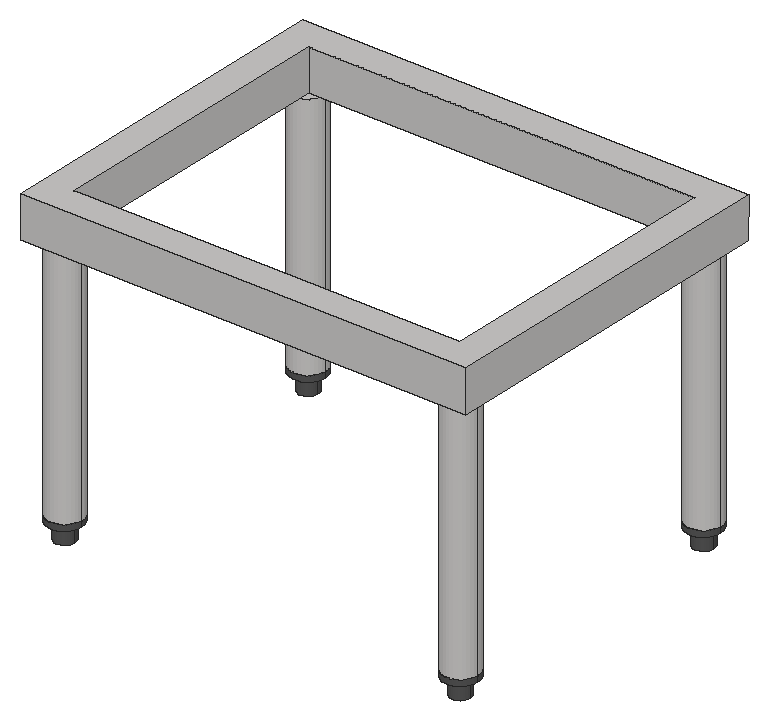
Revit family "QF_CAPIC_PT_W293010", category Equipement spécialisé, Revit 2018
Family settings
  Cote de connecteur circulaire = Utiliser le diamètre
  Type d'élément = Normal
  Numéro OmniClass = 23.40.40.14
  Titre OmniClass = Food Service Equipment
  Basée sur le plan de construction = Non
  Toujours verticalement = Oui
  Couper avec des vides une fois chargée = Non
  Partagée = Non
  Point de calcul de pièce = Non
Parameters (values of type "L=900mm")
  URL catalogue = "http://www.capic-fr.com/fr/"
  Type de Raccord Plomberie [instance] = ""
  Type de Raccord Electrique [instance] = ""
  Type de Gaz = ""
  Type article [instance] = ""
  Tension = 0 V
  Spécification du Fabricant = ""
  Show Logo = yes
  Remarques evacuation [instance] = ""
  Remarques Plomberie [instance] = ""
  Remarques Electricité [instance] = ""
  Puissance électrique  = 0 W
  Puissance Gaz kW = 0
  Profondeur hors tout = 715 mm
  Pression Maximum Eau Adoucie = 0.0 Pa
  Poids net à vide = 60.00 kg
  Phase = 0
  Modèle = "W293010"
  Longueur hors tout = 900 mm
  Intensité nominale = 0 A
  Hauteur hors tout = 630 mm
  Hauteur de Raccordement du Sol Finis = 0 mm
  Hauteur de Raccordement Gaz du Sol Finis = 0 mm
  Hauteur de Raccordement Evacuation Directe du Sol Finis = 0 mm
  Hauteur de Raccordement Eau Froide du Sol Finis = 0 mm
  Hauteur de Raccordement Eau Chaude du Sol Finis = 0 mm
  Hauteur de Raccordement Eau Adoucie du Sol Finis = 0 mm
  Fréquence = 0 Hz
  Fabricant = "CAPIC"
  Débit d'air d'extraction = 0.0 m³/h
  Débit Gaz = 0.0 L/s
  Débit Eau Froide = 0.0 L/s
  Débit Eau Chaude = 0.0 L/s
  Débit Eau Adoucie = 0.0 L/s
  Diamètre de Raccordement Gaz = 0 mm
  Diamètre de Raccordement Evacuation = 0 mm
  Diamètre de Raccordement Eau Froide = 0 mm
  Diamètre de Raccordement Eau Chaude = 0 mm
  Diamètre de Raccordement Eau Adoucie = 0 mm
  Description = "Pietement tubes ronds"
  Assembly Code = ""
  Classification  Omniclass nombre et titre = "23.40.40.14"
Reference planes
  plane 1 "Centre (avant/arrière)": y = 0
  plane 2: z = 0
  plane 3 "Centre (gauche/droite)": x = 0
  plane 4 "Centre G/E": y = 0
  plane 5: y = -838
  plane 6: z = 630
  plane 7: y = -123
  plane 8: x = 900
  plane 9: z = 546
  plane 10: y = -173
  plane 11: y = -788
  plane 12: x = 50
  plane 13: x = 850
  plane 14: z = 46
Forms (mm)
  Extrusion 1, solid, material "QF_Stainless Steel-Brushed"
    sketch origin (4267.2, -1071.386, 630) x (0, -1, 0) y (1, 0, 0)
      loop
        line (-948.386, -4267.2) -> (-233.386, -4267.2) -> (-233.386, -3367.2) -> (-948.386, -3367.2) -> (-948.386, -4267.2)
      loop
        line (-888.386, -3427.2) -> (-888.386, -4207.2) -> (-293.386, -4207.2) -> (-293.386, -3427.2) -> (-888.386, -3427.2)
    from 0 to -84
  Extrusion 2, solid, material "QF_Stainless Steel-Brushed"
    sketch origin (0, 0, 0) x (1, 0, 0) y (0, 1, 0)
      loop
        circle (50, -173) r 35
    from 46 to 546
  Revolve 3, solid, material "QF_Plastic-Black"
    sketch origin (-199.347, -173, 4000) x (-1, 0, 0) y (0, 0, 1)
      loop
        line (-284.347, -3954) -> (-284.347, -3966) -> (-269.347, -3966) -> (-269.347, -4000) -> (-249.347, -4000) -> (-249.347, -3954) -> (-284.347, -3954)
      axis (-249.347, -4000) -> (-249.347, -3954)
    angle from 0 to 360
  Extrusion 4, solid, material "QF_Stainless Steel-Brushed"
    sketch origin (220, 0, 0) x (1, 0, 0) y (0, 1, 0)
      loop
        circle (630, -173) r 35
    from 46 to 546
  Revolve 5, solid, material "QF_Plastic-Black"
    sketch origin (160.653, -173, 4000) x (-1, 0, 0) y (0, 0, 1)
      loop
        line (-724.347, -3954) -> (-724.347, -3966) -> (-709.347, -3966) -> (-709.347, -4000) -> (-689.347, -4000) -> (-689.347, -3954) -> (-724.347, -3954)
      axis (-689.347, -4000) -> (-689.347, -3954)
    angle from 0 to 360
  Extrusion 6, solid, material "QF_Stainless Steel-Brushed"
    sketch origin (0, -615, 0) x (1, 0, 0) y (0, 1, 0)
      loop
        circle (50, -173) r 35
    from 46 to 546
  Revolve 7, solid, material "QF_Plastic-Black"
    sketch origin (-133.843, -788, 4000) x (-1, 0, 0) y (0, 0, 1)
      loop
        line (-218.843, -3954) -> (-218.843, -3966) -> (-203.843, -3966) -> (-203.843, -4000) -> (-183.843, -4000) -> (-183.843, -3954) -> (-218.843, -3954)
      axis (-183.843, -4000) -> (-183.843, -3954)
    angle from 0 to 360
  Extrusion 8, solid, material "QF_Stainless Steel-Brushed"
    sketch origin (230, -615, 0) x (1, 0, 0) y (0, 1, 0)
      loop
        circle (620, -173) r 35
    from 46 to 546
  Revolve 9, solid, material "QF_Plastic-Black"
    sketch origin (-133.843, -788, 4000) x (-1, 0, 0) y (0, 0, 1)
      loop
        line (-1018.843, -3954) -> (-1018.843, -3966) -> (-1003.843, -3966) -> (-1003.843, -4000) -> (-983.843, -4000) -> (-983.843, -3954) -> (-1018.843, -3954)
      axis (-983.843, -4000) -> (-983.843, -3954)
    angle from 0 to 360
Dimensions and locks
  locked: plane 7 to Extrusion 1 sketch curve at 60
  locked: Extrusion 1 sketch curve to plane 5 at 60
  locked: plane 3 "Centre (gauche/droite)" to Extrusion 1 sketch curve at 60
  locked: Extrusion 1 sketch curve to plane 8 at 60
  "Longueur hors tout": plane 3 "Centre (gauche/droite)" to plane 8
  "Hauteur hors tout": plane 6 to level
  locked: plane 6 to plane 9 at 84
  locked: plane 7 to plane 10 at 50
  locked: plane 11 to plane 5 at 50
  locked: plane 3 "Centre (gauche/droite)" to plane 12 at 50
  locked: plane 13 to plane 8 at 50
  locked: plane 9 to plane 14 at 500
  locked: Revolve 3 sketch curve to plane 12 at 35
  locked: plane 14 to Revolve 3 sketch curve at 12
  locked: Revolve 3 sketch curve to plane 12 at 20
  Revolve 5 sketch curve to Revolve 5 sketch curve to plane 13 = 15 mm locked, 20 mm locked
  "Profondeur hors tout": plane 7 to plane 5
  locked: plane 14 to Revolve 5 sketch curve at 12
  locked: Revolve 7 sketch curve to plane 12 at 20
  locked: Revolve 7 sketch curve to plane 12 at 35
  locked: Revolve 3 to plane 14 at 12
  locked: plane 14 to Revolve 5 at 12
  locked: Revolve 9 sketch curve to plane 13 at 20
  locked: Revolve 9 sketch curve to plane 13 at 35
  aligned and locked: level to plane 2
  aligned and locked: Extrusion 1 sketch curve to plane 7
  aligned and locked: plane 3 "Centre (gauche/droite)" to Extrusion 1 sketch curve
  aligned and locked: plane 5 to Extrusion 1 sketch curve
  aligned and locked: Extrusion 1 sketch curve to plane 8
  aligned and locked: Extrusion 1 to plane 9
  aligned and locked: plane 6 to Extrusion 1
  aligned and locked: plane 9 to Extrusion 2
  aligned and locked: Extrusion 2 to plane 14
  aligned and locked: plane 12 to Extrusion 2 sketch curve
  aligned and locked: plane 10 to Extrusion 2 sketch curve
  aligned and locked: level to Revolve 3 sketch curve
  aligned and locked: plane 12 to Revolve 3 sketch curve
  aligned and locked: Revolve 3 sketch curve to plane 14
  aligned and locked: plane 13 to Extrusion 4 sketch curve
  aligned and locked: plane 10 to Extrusion 4 sketch curve
  aligned and locked: plane 13 to Revolve 5 sketch curve  (x2)
  aligned and locked: level to Revolve 5 sketch curve
  aligned and locked: Revolve 5 sketch curve to plane 14
  aligned and locked: plane 12 to Extrusion 6 sketch curve
  aligned and locked: plane 11 to Extrusion 6 sketch curve
  aligned and locked: plane 9 to Extrusion 6
  aligned and locked: Extrusion 6 to plane 14
  aligned and locked: plane 14 to Revolve 7 sketch curve
  aligned and locked: Revolve 7 sketch curve to level
  aligned and locked: plane 9 to Extrusion 4
  aligned and locked: Extrusion 4 to plane 14
  aligned and locked: plane 13 to Extrusion 8 sketch curve
  aligned and locked: plane 11 to Extrusion 8 sketch curve
  aligned and locked: Revolve 3 to plane 14
  aligned and locked: Extrusion 8 to Extrusion 1
  aligned and locked: Revolve 9 sketch curve to plane 14
  aligned and locked: level to Revolve 9 sketch curve
  aligned and locked: Extrusion 8 to plane 14
Automatic sketch dimensions
  Revolve 3 sketch curve to plane 12 = 0 mm
  Revolve 3 sketch curve to level = 0 mm
  Revolve 3 sketch curve to plane 14 = 0 mm
  Revolve 5 sketch curve to level = 0 mm
  Revolve 5 sketch curve to plane 14 = 0 mm
  Revolve 9 sketch curve to plane 13 = 0 mm  (x2)
  Revolve 9 sketch curve to plane 14 = 12 mm
  Revolve 9 sketch curve to level = 88.15 mm
  Revolve 9 sketch curve to Revolve 9 sketch curve = 37 mm
  Revolve 7 sketch curve to plane 12 = 0 mm  (x2)
  Revolve 7 sketch curve to plane 14 = 12 mm
  Revolve 7 sketch curve to level = 25 mm
  Revolve 7 sketch curve to Revolve 7 sketch curve = 12 mm
  radius of Extrusion 2 sketch curve = 35 mm
  radius of Extrusion 4 sketch curve = 35 mm
  radius of Extrusion 6 sketch curve = 35 mm
  radius of Extrusion 8 sketch curve = 35 mm
